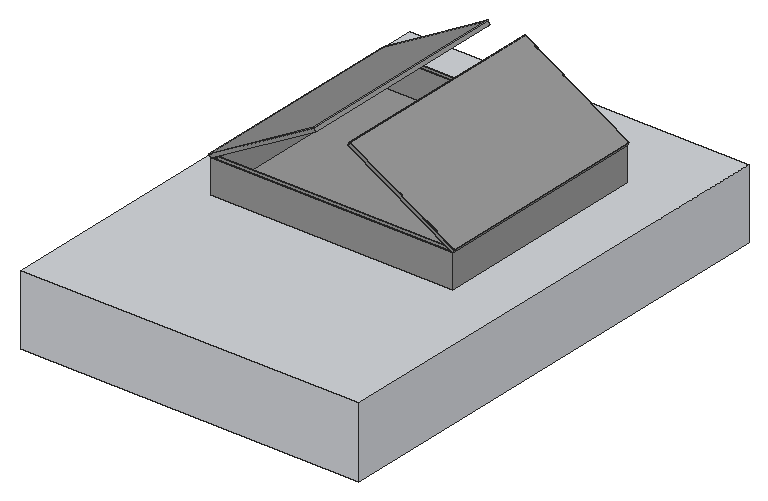
Revit family "Hager-Univers-IP44-D161-H950-Cl.II-FWQ_encl_QS-NL-en", category Equipement électrique, Revit 2020
Family settings
  Hôte = Face
  Configuration du panneau = Deux colonnes, circuits au sein
  Cote de connecteur circulaire = Utiliser le diamètre
  Type d'élément = Tableau de raccordement
  Couper avec des vides une fois chargée = Non
  Partagée = Non
  Point de calcul de pièce = Non
Parameters (values of type "Surface mounted (plaster) IP44 W1050 H950 D161  - FWQ64N")
  Width Control [instance] = if([EF000008 - Width] > Min Width, [EF000008 - Width], Min Width)  # 1050 mm
  Commentaires du type = [HG000003 - Range]  # "Univers"
  Thickness Door [instance] = if([EF009171 - Material plate thickness door/cover] > 3 mm, 3 mm, [EF009171 - Material plate thickness door/cover])  # 2 mm
  Seal Frame Offset [instance] = 17 mm  # constant formula
  Plinth Visibility [instance] = [HG000027 - Plinth height] > 0 mm  # no
  Model = ""
  Min Width [instance] = 100 mm  # constant formula
  Min Height [instance] = 100 mm  # constant formula
  Min Depth [instance] = (2 * [EF009170 - Material plate thickness cabinet]) + 1 mm  # 5 mm
  Internal Frame Depth [instance] = (Door System Depth * 0.5)  # 9 mm
  Height Control [instance] = if([EF000040 - Height] > Min Height, [EF000040 - Height], Min Height)  # 950 mm
  HG000027 - Plinth height = 0 mm
  HG000026 - Floor standing = no
  HG000024 - Bottom section height = 800 mm
  HG000023 - Double section enclosure = no
  HG000016 - Door 3d visibility [instance] = yes
  HG000015 - Clearance visibility [instance] = no
  HG000014 - Door on the right [instance] = yes
  HG000013 - Door on the left [instance] = not([HG000014 - Door on the right])  # no
  HG000012 - Door swing angle [instance] = 30.00°
  HG000010 - Asymmetric doors = no
  HG000009 - Double swing door = yes
  HG000006 - Flush mounted = no
  HG000004 - Manufacturer reference = "FWQ64N"
  HG000003 - Range = "Univers"
  HG000002 - With door or cover = yes
  Frame Offset Bottom [instance] = 10 mm  # constant formula
  Frame Offset [instance] = 15 mm  # constant formula
  EF015940 - Cover with overpressure release = no
  EF011959 - Degree of protection (NEMA) = ""
  EF009554 - Number of openings for flange plates = 8
  EF009212 - Cover model = "EV009916 - With notch"
  EF009171 - Material plate thickness door/cover = 2 mm
  EF009170 - Material plate thickness cabinet = 2 mm
  Fabricant = "Hager"  # constant formula
  EF008873 - Nominal current (In) = 125 A
  EF007800 - Suitable for lightning protection = no
  EF006306 - With lock = no
  EF006244 - Transparent cover/door = no
  EF005474 - Degree of protection (IP) = "EV006418 - IP44"
  EF004464 - Type of door = "EV002646 - Single"
  EF004427 - Number of modules = 192
  EF004293 - Impact strength = "EV006815 - IK09"
  EF003532 - Suitable for outdoor use = no
  EF002950 - Width in number of modular spacings = 48
  EF001613 - Circuit integrity = "EV000494 - None"
  EF001596 - Material housing = "EV000179 - Steel"
  EF001131 - Internal depth = 161 mm
  EF001088 - Extension possible = yes
  EF000437 - Number of conduit inlets = 16
  EF000339 - Type of cover = "EV001012 - Cover"
  EF000266 - Number of rows = 4
  EF000218 - Built-in depth = 0 mm
  EF000118 - With mounting plate = yes
  EF000116 - RAL-number = "9010"
  EF000049 - Depth = 161 mm
  EF000040 - Height = 950 mm
  EF000008 - Width = 1050 mm
  EF000007 - Colour = "EV000202 - White"
  EF000003 - Mounting method = "EV000384 - Surface mounted (plaster)"
  Door System Leaf Tolerance [instance] = 1.5 mm  # constant formula
  Door System Depth [instance] = 18 mm  # constant formula
  Door Height [instance] = Height Control - [HG000027 - Plinth height]  # 950 mm
  Depth Control [instance] = if([EF000049 - Depth] > Min Depth, [EF000049 - Depth], Min Depth)  # 161 mm
  Default Elevation = 0 mm
  Connector Offset [instance] = Height Control / 2  # 475 mm
  Bottom Top Plate Trim [instance] = 1.5 mm  # constant formula
  Plinth height Ctrl [instance] = if([HG000027 - Plinth height] > 0 mm, [HG000027 - Plinth height], 12 mm)  # 12 mm
Reference planes
  plane 1 "Center (Front/Back)": y = 0
  plane 2: z = 0
  plane 3 "Center (Left/Right)": x = 0
  plane 4: z = 161
  plane 5: y = 2
  plane 6: y = 475
  plane 7: y = 0
  plane 8: y = 950
  plane 9: z = 0
  plane 10: x = -510
  plane 11: x = 510
  plane 12: x = 508
  plane 13: x = -508
  plane 14: y = 948
  plane 15: x = -508
  plane 16: x = -525
  plane 17: x = 508
  plane 18: x = 525
  plane 19: x = 523
  plane 20: x = -523
  plane 21: y = 12
  plane 22: y = 950
  plane 23: y = 933
  plane 24: z = 143
  plane 25: z = 2
  plane 26: z = 141
  plane 27: z = 159
Forms (mm)
  Extrusion 1, solid
    sketch origin (0, 0, 0) x (1, 0, 0) y (0, 1, 0)
      loop
        line (-702.964, 1305) -> (-702.964, -811.445) -> (766.763, -811.445) -> (766.763, 1305) -> (-702.964, 1305)
    from 0 to -304.8
  Extrusion 2, solid, material "Hager_Steel_RAL7035_Light_Grey", visible <- "Plinth Visibility", detail levels medium+fine
    sketch origin (0, 0, 0) x (1, 0, 0) y (0, 1, 0)
      loop
        line (-525, 0) -> (525, 0) -> (525, 12) -> (-525, 12) -> (-525, 0)
    from 0 to 143
  Extrusion 3, solid, material "Hager_Steel_RAL7035_Light_Grey", detail levels medium+fine
    sketch origin (0, 0, 0) x (1, 0, 0) y (0, 1, 0)
      loop
        line (-525, 0) -> (525, 0) -> (525, 950) -> (-525, 950) -> (-525, 0)
    from 0 to 143
  Extrusion 4, void
    sketch origin (0, 0, 0) x (1, 0, 0) y (0, 1, 0)
      loop
        line (-523, 2) -> (523, 2) -> (523, 948) -> (-523, 948) -> (-523, 2)
    from 2 to 141
  Extrusion 5, void
    sketch origin (-381.607, -4572, 143) x (0, -1, 0) y (-1, 0, 0)
      loop
        line (-4584, 126.393) -> (-5505, 126.393) -> (-5505, -889.607) -> (-4584, -889.607) -> (-4584, 126.393)
    from 0 to 2 <- "EF009170 - Material plate thickness cabinet"
  Extrusion 6, solid, material "Hager_Steel_RAL7035_Light_Grey", detail levels fine
    sketch origin (0, 0, 143) x (1, 0, 0) y (0, 1, 0)
      loop
        line (-508, 933) -> (-508, 12) -> (508, 12) -> (508, 933) -> (-508, 933)
      loop
        line (-510, 10) -> (510, 10) -> (510, 935) -> (-510, 935) -> (-510, 10)
    from 0 to 9 <- "Internal Frame Depth"
  Extrusion 7, solid, material "Hager_Steel_RAL7035_Light_Grey", detail levels coarse
    sketch origin (0, 0, 0) x (1, 0, 0) y (0, 1, 0)
      loop
        line (-525, 0) -> (525, 0) -> (525, 950) -> (-525, 950) -> (-525, 0)
    from 0 to 161
  Sweep 8, void
    path in 3D
      loop
        line (-525, 12, 0) -> (525, 12, 0) -> (525, 12, 143) -> (-525, 12, 143) -> (-525, 12, 0)
    profile origin (-525, 12, 71.5) x (-1, 0, 0) y (0, -1, 0)
      loop
        line (0, 0) -> (0, 1.5) -> (-1.5, 1.5)
        arc (-1.5, 1.5) -> (-1.061, 0.439) -> (0, 0) r 1.5
Cuts and joins
  Extrusion 4, Extrusion 5 cuts Extrusion 3
  Sweep 8 cuts Extrusion 2
Lines and regions (mm)
  Masking region 1
    outline origin (0, 0, 0) x (1, 0, 0) y (0, 0, 1)
      loop
        line (-525, 161) -> (-525, 0) -> (525, 0) -> (525, 161) -> (-525, 161)
  Masking region 2, detail levels medium+fine
    outline origin (0, 140, 0) x (0, 1, 0) y (0, 0, 1)
      loop
        line (-140, 0) -> (810, 0) -> (810, 143) -> (-140, 143) -> (-140, 0)
  Masking region 3, not visible, detail levels medium+fine
    outline origin (0, 297.922, 0) x (0, 1, 0) y (0, 0, 1)
      loop
        line (188.578, 0) -> (228.578, 0) -> (228.578, 149)
        arc (228.578, 149) -> (225.649, 156.071) -> (218.578, 159) r 10
        line (218.578, 159) -> (188.578, 159) -> (188.578, 0)
  Masking region 4, detail levels coarse
    outline origin (0, 0, 180) x (0, 1, 0) y (0, 0, 1)
      loop
        line (0, -180) -> (950, -180) -> (950, -19) -> (0, -19) -> (0, -180)
  Masking region 5, visible <- "Plinth Visibility", detail levels medium+fine
    outline origin (0, 52.24, 12.345) x (0, 0, -1) y (0, 1, 0)
      loop
        line (10.845, -40.24) -> (-129.155, -40.24)
        arc (-129.155, -40.24) -> (-129.594, -41.301) -> (-130.655, -41.74) r 1.5
        line (-130.655, -41.74) -> (-130.655, -52.24) -> (12.345, -52.24) -> (12.345, -41.74)
        arc (12.345, -41.74) -> (11.285, -41.301) -> (10.845, -40.24) r 1.5
  Masking region 6, detail levels medium+fine
    outline origin (-381.607, -4572, 143) x (-1, 0, 0) y (0, -1, 0)
      loop
        line (143.393, -5522) -> (143.393, -4572) -> (-906.607, -4572) -> (-906.607, -5522) -> (143.393, -5522)
  Masking region 7, visible <- "Plinth Visibility", detail levels medium+fine
    outline origin (-381.607, -4727, 143) x (-1, 0, 0) y (0, -1, 0)
      loop
        arc (141.893, -4739) -> (142.332, -4737.939) -> (143.393, -4737.5) r 1.5
        line (143.393, -4737.5) -> (143.393, -4727) -> (-906.607, -4727) -> (-906.607, -4737.5)
        arc (-906.607, -4737.5) -> (-905.546, -4737.939) -> (-905.107, -4739) r 1.5
        line (-905.107, -4739) -> (141.893, -4739)
  Masking region 8, detail levels coarse
    outline origin (-442.548, -4669.526, 143) x (-1, 0, 0) y (0, -1, 0)
      loop
        line (82.452, -5619.526) -> (82.452, -4669.526) -> (-967.548, -4669.526) -> (-967.548, -5619.526) -> (82.452, -5619.526)
  sketch lines
    curve 1: line (-525, 12, 143) -> (-525, 12, 0)
    curve 2: line (525, 12, 143) -> (-525, 12, 143)
    curve 3: line (525, 12, 143) -> (525, 12, 0)
    curve 4: line (-525, 12, 0) -> (525, 12, 0)
Dimensions and locks
  "Depth Control": plane 4 to Extrusion 1
  "HG000027 - Plinth height": plane 1 "Center (Front/Back)" to plane 7
  "EF009170 - Material plate thickness cabinet": plane 5 to plane 7
  locked: connector elem to plane 3 "Center (Left/Right)"
  equal spacing: plane 8, plane 6, plane 7
  locked: connector elem to plane 6
  "EF009170 - Material plate thickness cabinet": plane 8 to plane 14
  "EF009170 - Material plate thickness cabinet": plane 10 to plane 13
  "EF009170 - Material plate thickness cabinet": plane 12 to plane 11
  "Frame Offset": plane 20 to plane 13
  "Frame Offset": plane 12 to plane 19
  "EF009170 - Material plate thickness cabinet": plane 16 to plane 20
  "EF009170 - Material plate thickness cabinet": plane 19 to plane 18
  "Seal Frame Offset": plane 16 to plane 15
  "Seal Frame Offset": plane 17 to plane 18
  "Frame Offset Bottom": plane 21 to plane 5
  "Frame Offset": plane 14 to plane 23
  equal spacing: plane 16, plane 3 "Center (Left/Right)", plane 18
  "Width Control": plane 16 to plane 18
  "EF009170 - Material plate thickness cabinet": plane 4 to plane 27
  "EF009170 - Material plate thickness cabinet": plane 24 to plane 26
  "EF009170 - Material plate thickness cabinet": plane 25 to level
  "Door System Depth": plane 4 to plane 24
  "Height Control": plane 1 "Center (Front/Back)" to Extrusion 7 sketch curve
  "Height Control": Masking region 4 sketch curve to plane 1 "Center (Front/Back)"
  "Height Control": plane 1 "Center (Front/Back)" to plane 22
  "Bottom Top Plate Trim": profile plane to Sweep 8 sketch curve
  "Bottom Top Plate Trim": Sweep 8 sketch curve to profile plane
  "Plinth height Ctrl": plane 1 "Center (Front/Back)" to Extrusion 2 sketch curve
  "Plinth height Ctrl": Masking region 5 sketch curve to plane 1 "Center (Front/Back)"
  "Plinth height Ctrl": plane 1 "Center (Front/Back)" to Masking region 7 sketch curve
  "Thickness Door": Extrusion 6 sketch curve to Extrusion 6 sketch curve  (x3)
  "Thickness Door": cut or joined group of Extrusion 3, Extrusion 4, Extrusion 5 to Extrusion 6 sketch curve
  radius of Masking region 3 sketch curve = 10 mm
  "Bottom Top Plate Trim": radius of Masking region 5 sketch curve  (x2)
  "Bottom Top Plate Trim": radius of Sweep 8 sketch curve
  "Bottom Top Plate Trim": radius of Masking region 7 sketch curve  (x2)
  aligned and locked: plane 2 to Extrusion 1
  aligned and locked: level to Extrusion 1
  aligned and locked: level to Masking region 1 sketch curve
  aligned and locked: Masking region 1 sketch curve to plane 18
  aligned and locked: Masking region 1 sketch curve to plane 16
  aligned and locked: plane 7 to Masking region 2 sketch curve
  aligned and locked: level to Masking region 3 sketch curve
  aligned and locked: Masking region 3 sketch curve to plane 27
  aligned and locked: level to Masking region 2 sketch curve
  aligned and locked: plane 1 "Center (Front/Back)" to Extrusion 2 sketch curve
  aligned and locked: Extrusion 3 sketch curve to plane 7
  aligned and locked: plane 16 to Extrusion 3 sketch curve
  aligned and locked: plane 18 to Extrusion 3 sketch curve
  aligned and locked: plane 20 to Extrusion 4 sketch curve
  aligned and locked: plane 19 to Extrusion 4 sketch curve
  aligned and locked: Extrusion 4 sketch curve to plane 5
  aligned and locked: Extrusion 4 to plane 25
  aligned and locked: plane 26 to Extrusion 4
  aligned and locked: plane 24 to Extrusion 3
  aligned and locked: Extrusion 5 sketch curve to plane 21
  aligned and locked: Extrusion 5 sketch curve to plane 13
  aligned and locked: Extrusion 5 sketch curve to plane 12
  aligned and locked: plane 18 to Extrusion 7 sketch curve
  aligned and locked: plane 1 "Center (Front/Back)" to Extrusion 7 sketch curve
  aligned and locked: plane 16 to Extrusion 7 sketch curve
  aligned and locked: plane 4 to Extrusion 7
  aligned and locked: Extrusion 7 to level
  aligned and locked: level to Masking region 4 sketch curve
  aligned and locked: Masking region 4 sketch curve to plane 1 "Center (Front/Back)"
  aligned and locked: Masking region 4 sketch curve to plane 4
  aligned and locked: nested 1 to level
  aligned and locked: nested 1 to plane 16
  aligned and locked: Extrusion 3 sketch curve to plane 8
  aligned and locked: Extrusion 5 sketch curve to plane 23
  aligned and locked: Extrusion 4 sketch curve to plane 14
  aligned and locked: Masking region 2 sketch curve to plane 8
  aligned and locked: level to Masking region 5 sketch curve
  aligned and locked: plane 16 to Extrusion 2 sketch curve
  aligned and locked: plane 18 to Extrusion 2 sketch curve
  aligned and locked: Masking region 5 sketch curve to plane 24
  aligned and locked: Masking region 2 sketch curve to plane 24
  aligned and locked: plane 24 to Extrusion 2
  aligned and locked: profile plane to Sweep 8 sketch curve  (x2)
  aligned and locked: Masking region 6 sketch curve to plane 18
  aligned and locked: Masking region 6 sketch curve to plane 22
  aligned and locked: Masking region 6 sketch curve to plane 16
  aligned and locked: plane 8 to plane 22
  aligned and locked: Masking region 6 sketch curve to plane 7
  aligned and locked: Masking region 7 sketch curve to plane 16
  aligned and locked: Masking region 7 sketch curve to plane 1 "Center (Front/Back)"
  aligned and locked: Masking region 7 sketch curve to plane 18
  aligned and locked: Masking region 8 sketch curve to plane 1 "Center (Front/Back)"
  aligned and locked: Masking region 8 sketch curve to plane 18
  aligned and locked: Masking region 8 sketch curve to plane 22
  aligned and locked: Masking region 8 sketch curve to plane 16
  aligned and locked: nested 2 to plane 7
  aligned and locked: plane 3 "Center (Left/Right)" to nested 2
  aligned and locked: nested 2 to plane 24
  aligned and locked: Extrusion 6 sketch curve to cut or joined group of Extrusion 3, Extrusion 4, Extrusion 5  (x4)
Automatic sketch dimensions
  Extrusion 1 sketch curve to Extrusion 1 sketch curve = 1469.727 mm
  Extrusion 1 sketch curve to Extrusion 1 sketch curve = 2116.445 mm
  Masking region 1 sketch curve to plane 4 = 0 mm
  plane 6 to Masking region 3 sketch curve = 11.5 mm
  Masking region 3 sketch curve to Masking region 3 sketch curve = 30 mm
  Masking region 5 sketch curve to plane 1 "Center (Front/Back)" = 0 mm
Nested families
  nested 1: "Hager_Enclosure_Symbol" at (-525, 0, 0) x (1, 0, 0) z (0, -1, 0), Height <- "Depth Control", Width <- "Width Control", type "Hager_Enclosure_Symbol"
    with Width_Ctrl 1050 mm, Width 1050 mm, Height_Ctrl 161 mm, Height 161 mm, A_Width_Int 10.566 mm, A_Width 126.788 mm, A_Height_Ctrl 140.875 mm, A_Height 140.875 mm
  nested 2: "EC000058_Univers_Door" at (0, 0, 143) x (1, 0, 0) z (0, 1, 0), Leaf_Tolerance <- "Door System Leaf Tolerance", Angle <- "HG000012 - Door swing angle", Door_Depth <- "Door System Depth", Door_Left <- "HG000013 - Door on the left", Transparent <- "EF006244 - Transparent cover/door", Assymetrical <- "HG000010 - Asymmetric doors", Width <- "Width Control", Clearance <- "HG000015 - Clearance visibility", Double <- "HG000009 - Double swing door", 3d_Door <- "HG000016 - Door 3d visibility", Lock_Visibility <- "EF006306 - With lock", Width_Ctrl <- "Width Control", Door_Right <- "HG000014 - Door on the right", Door <- "HG000002 - With door or cover", Height <- "Door Height", Thickness <- "Thickness Door", type "EC000058_Univers_Door", detail levels medium+fine
    with min_wh 5 mm, Width_Ctrl 1050 mm, Width 1050 mm, Transparent no, Thickness 2 mm, Seal_Material Hager_Rubber, Lock_Visibility no, Lock_Material Hager_Plastic_RAL9005_Jet_Black, Leaf_Width 1050 mm, Leaf_Tolerance_External_Sides 0 mm, Leaf_Tolerance 1.5 mm, Leaf_Offset 0 mm, Leaf_Height 947 mm, Leaf_2_Width 523.5 mm, Leaf_2_Offset 262.5 mm, Leaf_1_Width 523.5 mm, Leaf_1_Offset 262.5 mm, Height_Ctrl 950 mm, Height 950 mm, Glass_Material Hager_Glass, Double_Clearance_Ctrl no, Double yes, Door_Right_Ctrl yes, Door_Right yes, Door_Material Hager_Steel_RAL7035_Light_Grey, Door_Left_Ctrl yes, Door_Left no, Door_Depth 18 mm, Door yes, Clearance_Material Hager_Clearance, Clearance_Depth 523.5 mm, Clearance_Ctrl no, Clearance no, Assymetrical no, Angle 30.00°, 3d_Door yes
Connectors
  electrical at (0, 475, 0)
    settings: on plane 9, index 1, voltage 0 V, apparent load 0 VA, apparent load phase1 0 VA, apparent load phase2 0 VA, apparent load phase3 0 VA, power factor 1, load classification "Other", number of poles 1, system type 30, power factor state 1, is connector primary yes, connector utility no, sub classification motor no, connector description ""
Definition of nested family "EC000058_Univers_Door"
  Parameters (values of type "EC000058_Univers_Door")
    min_wh [instance] = (2 * Thickness) + 1 mm  # 11 mm
    Width_Ctrl [instance] = 400 mm
    Width [instance] = 500 mm
    Transparent [instance] = yes
    Thickness [instance] = 5 mm
    Seal_Material [instance] = none
    Lock_Visibility [instance] = yes
    Lock_Material [instance] = none
    Leaf_Width [instance] = if((Width_Ctrl - 2 * Leaf_Tolerance_External_Sides) > 0 mm, (Width_Ctrl - 2 * Leaf_Tolerance_External_Sides), min_wh)  # 400 mm
    Leaf_Tolerance_External_Sides [instance] = 0 mm  # constant formula
    Leaf_Tolerance [instance] = 1.5 mm
    Leaf_Offset [instance] = 0 mm  # constant formula
    Leaf_Height [instance] = if((Height_Ctrl - 2 * Leaf_Tolerance) > 0 mm, (Height_Ctrl - 2 * Leaf_Tolerance), min_wh)  # 497 mm
    Leaf_2_Width [instance] = if(and(and(Double, Assymetrical), Door_Left), (Leaf_Width / 3) - (Leaf_Tolerance / 2), if(and(and(Double, Assymetrical), Door_Right), (Leaf_Width / 3) * 2 - (Leaf_Tolerance / 2), if(and(Double, not(Assymetrical)), (Leaf_Width / 2) - Leaf_Tolerance, Leaf_Width)))  # 400 mm
    Leaf_2_Offset [instance] = if(and(Double, Assymetrical), Leaf_2_Width / 2, if(and(Double, not(Assymetrical)), Leaf_Width / 4, Leaf_Width / 2))  # 200 mm
    Leaf_1_Width [instance] = if(and(and(Double, Assymetrical), Door_Right), (Leaf_Width / 3) - (Leaf_Tolerance / 2), if(and(and(Double, Assymetrical), Door_Left), (Width / 3) * 2 - (Leaf_Tolerance / 2), if(and(Double, not(Assymetrical)), (Leaf_Width / 2) - Leaf_Tolerance, Leaf_Width)))  # 400 mm
    Leaf_1_Offset [instance] = if(and(Double, Assymetrical), Leaf_1_Width / 2, if(and(Double, not(Assymetrical)), Leaf_Width / 4, Leaf_Width / 2))  # 200 mm
    Height_Ctrl [instance] = if(Height > min_wh, Height, min_wh)  # 500 mm
    Height [instance] = 500 mm
    Glass_Material [instance] = none
    Double_Clearance_Ctrl [instance] = and(Double, Clearance)  # no
    Double [instance] = no
    Door_Right_Ctrl [instance] = and(or(Door_Right, Double), Door)  # yes
    Door_Right [instance] = yes
    Door_Material [instance] = none
    Door_Left_Ctrl [instance] = and(or(Door_Left, Double), Door)  # no
    Door_Left [instance] = no
    Door_Depth [instance] = 30 mm
    Door [instance] = yes
    Default Elevation = 1219.2 mm
    Clearance_Material [instance] = none
    Clearance_Depth [instance] = if(Leaf_1_Width > Leaf_2_Width, Leaf_1_Width, Leaf_2_Width)  # 400 mm
    Clearance_Ctrl [instance] = and(not(Double), Clearance)  # yes
    Clearance [instance] = yes
    Assymetrical [instance] = yes
    Angle [instance] = 30.00°
    3d_Door [instance] = yes
  Reference planes
    plane 1 "Center (Front/Back)": y = 0
    plane 2 "Bottom": z = 0
    plane 3 "Center (Left/Right)": x = 0
    plane 4: z = 500
    plane 5: x = -200
    plane 6: x = 200
    plane 7: z = 500
    plane 8: x = -200
    plane 9: z = 0
    plane 10: x = 200
    plane 11: y = 0
    plane 12: z = 1.5
    plane 13: x = -600
    plane 14: y = -400
    plane 15: x = 600
    plane 16: x = 0
    plane 17: x = 0
    plane 18: x = -200
    plane 19: x = 200
    plane 20: z = 498.5
  Forms (mm)
    Extrusion 1, solid, material <- "Clearance_Material", visible <- "Double_Clearance_Ctrl"
      sketch origin (1200, 0, 0) x (1, 0, 0) y (0, 0, -1)
        loop
          line (-1800, -498.5) -> (-600, -498.5) -> (-600, 0) -> (-1800, 0) -> (-1800, -498.5)
      from 0 to -400
  Dimensions and locks
    equal spacing: plane 5, plane 3 "Center (Left/Right)", plane 6
    "Width_Ctrl": plane 5 to plane 6
    "Leaf_Offset": plane 5 to plane 8
    "Leaf_Offset": plane 6 to plane 10
    "Leaf_Offset": plane 9 to level
    "Leaf_Offset": plane 4 to plane 7
    "Height_Ctrl": plane 4 to level
    "Leaf_Tolerance": plane 12 to plane 9
    locked: plane 11 to plane 1 "Center (Front/Back)"
    "Leaf_1_Offset": plane 18 to plane 16
    "Leaf_2_Offset": plane 17 to plane 19
    "Leaf_1_Width": plane 13 to plane 8
    "Leaf_2_Width": plane 10 to plane 15
    "Clearance_Depth": plane 14 to plane 1 "Center (Front/Back)"
    "Leaf_Tolerance_External_Sides": plane 8 to plane 18
    "Leaf_Tolerance_External_Sides": plane 19 to plane 10
    "Leaf_Tolerance": plane 7 to plane 20
    aligned and locked: level to plane 2 "Bottom"
    aligned and locked: nested 1 to plane 16
    aligned and locked: nested 2 to plane 17
    aligned and locked: Extrusion 1 to plane 13
    aligned and locked: plane 15 to Extrusion 1
    aligned and locked: Extrusion 1 to plane 14
    aligned and locked: plane 12 to nested 1
    aligned and locked: nested 2 to plane 12
    aligned and locked: Extrusion 1 to plane 11
    aligned and locked: plane 20 to Extrusion 1
    aligned and locked: nested 2 to plane 11
    aligned and locked: nested 1 to plane 11
  Automatic sketch dimensions
    Extrusion 1 sketch curve to level = 0 mm
    plane 5 to Extrusion 1 sketch curve = 400 mm
    plane 6 to Extrusion 1 sketch curve = 400 mm
    Extrusion 1 sketch curve to plane 4 = 1.5 mm
  Nested families
    nested 1: "EC000058_Univers_Door_Leaf" at (0, 0, 1.5), Width <- "Leaf_1_Width", visible <- "Door_Left_Ctrl", Leaf_Height <- "Leaf_Height", Angle <- "Angle", 3d_Door <- "3d_Door", Transparent <- "Transparent", Clearance Material <- "Clearance_Material", Clearance <- "Clearance_Ctrl", Door_Material <- "Door_Material", Glass_Material <- "Glass_Material", Door_Depth <- "Door_Depth", Lock_Material <- "Lock_Material", Seal_Material <- "Seal_Material", Lock_Visibility <- "Lock_Visibility", Thickness <- "Thickness", type "EC000058_Univers_Door_Leaf"
      with Width 400 mm, Transparent_Glass_Offset 30 mm, Transparent_Ctrl yes, Transparent yes, Thickness 5 mm, Standard no, Seal_Material none, Seal_D2 8 mm, Seal_D1 1 mm, Offset_Internal_Frame 10 mm, Lock_Width 20 mm, Lock_Visibility_3d yes, Lock_Visibility yes, Lock_Thickness_3 3 mm, Lock_Thickness_2 1 mm, Lock_Thickness_1 3 mm, Lock_Radius_Offset_2 16 mm, Lock_Radius_Offset_1 15 mm, Lock_Radius_2 5 mm, Lock_Radius 6 mm, Lock_Offset 5 mm, Lock_Material none, Lock_Height 80 mm, Lock_Cover_Top_Offset_2d 17 mm, Lock_Cover_Height -65 mm, Leaf_Height 497 mm, Internal_Seal_Thickness 8 mm, Internal_Seal_Depth_2 4.5 mm, Internal_Frame_Depth 25 mm, Glass_Thickness -1 mm, Glass_Offset -2 mm, Glass_Material none, Door_Material none, Door_Depth 30 mm, Clearance Material none, Clearance yes, Angle_Ctrl 30.00°, Angle 30.00°, 3d_Door yes
    nested 2: "EC000058_Univers_Door_Leaf" at (0, 0, 1.5) x (-1, 0, 0) z (0, 0, 1), Width <- "Leaf_2_Width", visible <- "Door_Right_Ctrl", Leaf_Height <- "Leaf_Height", Angle <- "Angle", 3d_Door <- "3d_Door", Transparent <- "Transparent", Clearance Material <- "Clearance_Material", Clearance <- "Clearance_Ctrl", Door_Material <- "Door_Material", Glass_Material <- "Glass_Material", Door_Depth <- "Door_Depth", Lock_Material <- "Lock_Material", Seal_Material <- "Seal_Material", Lock_Visibility <- "Lock_Visibility", Thickness <- "Thickness", type "EC000058_Univers_Door_Leaf"
      with Width 400 mm, Transparent_Glass_Offset 30 mm, Transparent_Ctrl yes, Transparent yes, Thickness 5 mm, Standard no, Seal_Material none, Seal_D2 8 mm, Seal_D1 1 mm, Offset_Internal_Frame 10 mm, Lock_Width 20 mm, Lock_Visibility_3d yes, Lock_Visibility yes, Lock_Thickness_3 3 mm, Lock_Thickness_2 1 mm, Lock_Thickness_1 3 mm, Lock_Radius_Offset_2 16 mm, Lock_Radius_Offset_1 15 mm, Lock_Radius_2 5 mm, Lock_Radius 6 mm, Lock_Offset 5 mm, Lock_Material none, Lock_Height 80 mm, Lock_Cover_Top_Offset_2d 17 mm, Lock_Cover_Height -65 mm, Leaf_Height 497 mm, Internal_Seal_Thickness 8 mm, Internal_Seal_Depth_2 4.5 mm, Internal_Frame_Depth 25 mm, Glass_Thickness -1 mm, Glass_Offset -2 mm, Glass_Material none, Door_Material none, Door_Depth 30 mm, Clearance Material none, Clearance yes, Angle_Ctrl 30.00°, Angle 30.00°, 3d_Door yes
  Definition of nested family "EC000058_Univers_Door_Leaf"
    Parameters (values of type "EC000058_Univers_Door_Leaf")
      Width [instance] = 2000 mm
      Transparent_Glass_Offset [instance] = 30 mm
      Transparent_Ctrl [instance] = and(Transparent, [3d_Door])  # yes
      Transparent [instance] = yes
      Thickness [instance] = 5 mm
      Standard [instance] = and(not(Transparent), [3d_Door])  # no
      Seal_Material [instance] = none
      Seal_D2 [instance] = 8 mm  # constant formula
      Seal_D1 [instance] = 1 mm  # constant formula
      Offset_Internal_Frame [instance] = 10 mm  # constant formula
      Lock_Width [instance] = 20 mm  # constant formula
      Lock_Visibility_3d [instance] = and(Lock_Visibility, [3d_Door])  # yes
      Lock_Visibility [instance] = yes
      Lock_Thickness_3 [instance] = 3 mm  # constant formula
      Lock_Thickness_2 [instance] = 1 mm  # constant formula
      Lock_Thickness_1 [instance] = 3 mm  # constant formula
      Lock_Radius_Offset_2 [instance] = Lock_Radius_Offset_1 + 1 mm  # 16 mm
      Lock_Radius_Offset_1 [instance] = 15 mm  # constant formula
      Lock_Radius_2 [instance] = Lock_Radius - 1 mm  # 5 mm
      Lock_Radius [instance] = 6 mm  # constant formula
      Lock_Offset [instance] = 5 mm  # constant formula
      Lock_Material [instance] = none
      Lock_Height [instance] = 80 mm  # constant formula
      Lock_Cover_Top_Offset_2d [instance] = Lock_Radius_Offset_2 + 1 mm  # 17 mm
      Lock_Cover_Height [instance] = -(Lock_Height - Lock_Radius_Offset_1)  # -65 mm
      Leaf_Height [instance] = 2720.336 mm
      Internal_Seal_Thickness [instance] = 8 mm  # constant formula
      Internal_Seal_Depth_2 [instance] = 4.5 mm  # constant formula
      Internal_Frame_Depth [instance] = if(Door_Depth - Thickness > 5 mm, Door_Depth - Thickness, 5 mm)  # 25 mm
      Glass_Thickness [instance] = if(Thickness > 15 mm, Glass_Offset + 10 mm, -1 mm)  # -1 mm
      Glass_Offset [instance] = if(Thickness > 15 mm, -(Thickness + 10 mm) / 2, -2 mm)  # -2 mm
      Glass_Material [instance] = none
      Door_Material [instance] = none
      Door_Depth [instance] = 30 mm
      Default Elevation = 0 mm
      Clearance Material [instance] = none
      Clearance [instance] = yes
      Angle_Ctrl [instance] = if(Angle > 180.00°, 180.00°, Angle)  # 90.00°
      Angle [instance] = 90.00°
      3d_Door [instance] = yes
    Reference planes
      plane 1 "Center (Front/Back)": y = 0
      plane 2: z = 0
      plane 3 "Center (Left/Right)": x = 0
      plane 4: y = 2000
      plane 5: x = -1000
      plane 6: x = 1000
      plane 7: x = -3000
      plane 8: z = 2720.336
      plane 9: z = 30
      plane 10: z = 2690.336
      plane 11: x = 970
      plane 12: x = -970
      plane 13: y = -3
      plane 14: z = 107.833
      plane 15: y = -5
      plane 16: y = -223.314
      plane 17: x = -1000
      plane 18: z = 1360.168
      plane 19: y = 30
    Forms (mm)
      Extrusion 1, solid, material <- "Clearance Material", visible <- "Clearance"
        sketch origin (0, 0, 0) x (1, 0, 0) y (0, 0, 1)
          loop
            line (-3000, 2720.336) -> (-3000, 0) -> (1000, 0) -> (1000, 2720.336) -> (-3000, 2720.336)
        from 0 to -2000
      Extrusion 2, solid, material <- "Door_Material", visible <- "Standard", detail levels medium+fine
        sketch origin (-1000, 0, 0) x (0, 1, 0) y (-1, 0, 0)
          loop
            line (0, 30) -> (0, 25) -> (2000, 25) -> (2000, 30) -> (0, 30)
        from 0 to 2720.336 <- "Leaf_Height"
      Extrusion 3, solid, material <- "Door_Material", visible <- "Transparent_Ctrl", detail levels medium+fine
        sketch origin (-1000, 0, 0) x (0, 1, 0) y (-1, 0, 0)
          loop
            line (0, 25) -> (2000, 25) -> (2000, 30) -> (0, 30) -> (0, 25)
        from 0 to 2720.336 <- "Leaf_Height"
      Extrusion 4, void
        sketch origin (-1025, 2000, 0) x (0, 1, 0) y (0, 0, -1)
          loop
            line (-30, -2690.336) -> (-30, -30) -> (-1970, -30) -> (-1970, -2690.336) -> (-30, -2690.336)
        from 0 to 5 <- "Thickness"
      Sweep 5, solid, material <- "Seal_Material", visible <- "Transparent_Ctrl", detail levels fine
        path in 3D
          loop
            line (-1025, 30, 30) -> (-1025, 30, 2690.336) -> (-1025, 1970, 2690.336) -> (-1025, 1970, 30) -> (-1025, 30, 30)
        profile origin (-1025, 1000, 30) x (1, 0, 0) y (0, 0, 1)
          loop
            line (0, 0) -> (0, -8) -> (1, -8) -> (1, 0) -> (0, 0)
      Extrusion 6, solid, material <- "Glass_Material", visible <- "Transparent_Ctrl", detail levels medium+fine
        sketch origin (-1030, 0, 0) x (0, 1, 0) y (0, 0, -1)
          loop
            line (1970, -2690.336) -> (1970, -30) -> (30, -30) -> (30, -2690.336) -> (1970, -2690.336)
        from -2 <- "Glass_Offset" to -1 <- "Glass_Thickness"
      Extrusion 7, solid, material <- "Door_Material", visible <- "3d_Door", detail levels medium+fine
        sketch origin (-1025, 2000, 0) x (0, -1, 0) y (0, 0, -1)
          loop
            line (0, -2720.336) -> (2000, -2720.336) -> (2000, 0) -> (0, 0) -> (0, -2720.336)
          loop
            line (1995, -5) -> (5, -5) -> (5, -2715.336) -> (1995, -2715.336) -> (1995, -5)
        from 0 to 25 <- "Internal_Frame_Depth"
      Sweep 8, solid, material <- "Seal_Material", visible <- "Transparent_Ctrl", detail levels fine
        path in 3D
          loop
            line (-1025, 0, 0) -> (-1025, 2000, 0) -> (-1025, 2000, 2720.336) -> (-1025, 0, 2720.336) -> (-1025, 0, 0)
        profile origin (-1025, 0, 1360.168) x (1, 0, 0) y (0, 1, 0)
          loop
            line (0, 10) -> (2.975, 10)
            arc (2.975, 10) -> (4.053, 10.447) -> (4.5, 11.525) r 1.525
            line (4.5, 11.525) -> (4.5, 16.527)
            arc (4.5, 16.527) -> (4.069, 17.569) -> (3.027, 18) r 1.473
            line (3.027, 18) -> (0, 18) -> (0, 10)
      Extrusion 9, solid, material <- "Lock_Material", visible <- "Lock_Visibility_3d", detail levels fine
        sketch origin (-1030, 0, 0) x (0, 1, 0) y (0, 0, -1)
          loop
            arc (1993.5, -1400.168) -> (1994.561, -1399.729) -> (1995, -1398.668) r 1.5
            line (1995, -1398.668) -> (1995, -1320.168) -> (1975, -1320.168) -> (1975, -1398.668)
            arc (1975, -1398.668) -> (1975.439, -1399.729) -> (1976.5, -1400.168) r 1.5
            line (1976.5, -1400.168) -> (1993.5, -1400.168)
        from 3 <- "Lock_Thickness_1" to 0
      Blend 10, solid, material <- "Lock_Material", visible <- "Lock_Visibility_3d", detail levels fine
        base sketch origin (-1033, 0, 0) x (0, 1, 0) y (0, 0, -1)
          loop
            line (1975, -1320.168) -> (1975, -1398.668)
            arc (1975, -1398.668) -> (1975.439, -1399.729) -> (1976.5, -1400.168) r 1.5
            line (1976.5, -1400.168) -> (1993.5, -1400.168)
            arc (1993.5, -1400.168) -> (1994.561, -1399.729) -> (1995, -1398.668) r 1.5
            line (1995, -1398.668) -> (1995, -1320.168) -> (1975, -1320.168)
        top sketch origin (-1033, 0, 0) x (0, 1, 0) y (0, 0, -1)
          loop
            line (1976, -1320.168) -> (1976, -1398.668)
            arc (1976, -1398.668) -> (1976.146, -1399.022) -> (1976.5, -1399.168) r 0.5
            line (1976.5, -1399.168) -> (1993.5, -1399.168)
            arc (1993.5, -1399.168) -> (1993.854, -1399.022) -> (1994, -1398.668) r 0.5
            line (1994, -1398.668) -> (1994, -1320.168) -> (1976, -1320.168)
        from 0 to 1 <- "Lock_Thickness_2"
      Blend 11, solid, material <- "Lock_Material", visible <- "Lock_Visibility_3d", detail levels fine
        base sketch origin (-1034, 0, 0) x (0, 1, 0) y (0, 0, -1)
          loop
            line (1978, -1320.168) -> (1978, -1384.168)
            arc (1978, -1384.168) -> (1985, -1391.168) -> (1992, -1384.168) r 7
            line (1992, -1384.168) -> (1992, -1320.168) -> (1978, -1320.168)
        top sketch origin (-1034, 0, 0) x (0, 1, 0) y (0, 0, -1)
          loop
            line (1991, -1320.168) -> (1979, -1320.168) -> (1979, -1383.168)
            arc (1979, -1383.168) -> (1985, -1389.168) -> (1991, -1383.168) r 6
            line (1991, -1383.168) -> (1991, -1320.168)
        from 0 to 3 <- "Lock_Thickness_3"
      Extrusion 12, solid, material <- "Lock_Material", visible <- "Lock_Visibility_3d", detail levels fine
        sketch origin (-1030, 1975, 1320.168) x (1, 0, 0) y (0, -1, 0)
          loop
            line (-7, -19) -> (-7, -1) -> (0, -1) -> (0, 0) -> (-8, 0) -> (-8, -20) -> (0, -20) -> (0, -19) -> (-7, -19)
        from 0 to -65 <- "Lock_Cover_Height"
      Extrusion 13, void
        sketch origin (-1038, 1995, 1320.168) x (-1, 0, 0) y (0, 0, -1)
          loop
            line (-5, -65) -> (0, -65) -> (-5, -60) -> (-5, -65)
        from 0 to 20 <- "Lock_Width"
      Extrusion 14, void
        sketch origin (-1038, 1975, 1320.168) x (0, -1, 0) y (0, 0, -1)
          loop
            circle (-10, -15.995) r 6
          loop
            circle (-10, -15.995) r 5
        from 0 to 2
      Extrusion 15, solid, material <- "Lock_Material", visible <- "Lock_Visibility_3d", detail levels medium
        sketch origin (-1030, 0, 0) x (0, 1, 0) y (0, 0, -1)
          loop
            arc (1993.5, -1400.168) -> (1994.561, -1399.729) -> (1995, -1398.668) r 1.5
            line (1995, -1398.668) -> (1995, -1320.168) -> (1975, -1320.168) -> (1975, -1398.668)
            arc (1975, -1398.668) -> (1975.439, -1399.729) -> (1976.5, -1400.168) r 1.5
            line (1976.5, -1400.168) -> (1993.5, -1400.168)
        from 8 to 0
    Cuts and joins
      Extrusion 4 cuts Extrusion 3
      Extrusion 13, Extrusion 14 cuts Extrusion 9
      Extrusion 14 cuts Blend 11
      Extrusion 13, Extrusion 14 cuts Extrusion 12
      joined: Extrusion 9, Blend 10, Blend 11, Extrusion 12
      Extrusion 14 cuts Extrusion 15
    Lines and regions (mm)
      Masking region 1, visible <- "Lock_Visibility", detail levels fine
        outline origin (0, 0, 0) x (0, 1, 0) y (0, 0, 1)
          loop
            line (30, 1320.168) -> (33, 1320.168) -> (33, 1400.168) -> (30, 1400.168) -> (30, 1320.168)
      Masking region 2, visible <- "Lock_Visibility", detail levels fine
        outline origin (0, 3.143, 0) x (0, 1, 0) y (0, 0, 1)
          loop
            line (29.857, 1354.168) -> (30.857, 1354.168) -> (30.857, 1366.168) -> (29.857, 1366.168) -> (29.857, 1354.168)
      Masking region 3, detail levels medium+fine
        outline origin (0, 0, 0) x (0, 1, 0) y (0, 0, 1)
          loop
            line (0, 0) -> (30, 0) -> (30, 2720.336) -> (0, 2720.336) -> (0, 0)
      Masking region 4, detail levels medium+fine
        outline origin (0, 0, 0) x (1, 0, 0) y (0, 0, 1)
          loop
            line (-1000, 2720.336) -> (-1000, 0) -> (1000, 0) -> (1000, 2720.336) -> (-1000, 2720.336)
      Masking region 5, visible <- "Lock_Visibility", detail levels fine
        outline origin (-47.116, 0, 0) x (1, 0, 0) y (0, 0, 1)
          loop
            arc (1024.616, 1399.168) -> (1023.556, 1398.729) -> (1023.116, 1397.668) r 1.5
            line (1023.116, 1397.668) -> (1023.116, 1320.168) -> (1041.116, 1320.168) -> (1041.116, 1397.668)
            arc (1041.116, 1397.668) -> (1040.677, 1398.729) -> (1039.616, 1399.168) r 1.5
            line (1039.616, 1399.168) -> (1024.616, 1399.168)
      Masking region 6, visible <- "Lock_Visibility", detail levels medium+fine
        outline origin (-25, 0, 0) x (1, 0, 0) y (0, 0, 1)
          loop
            arc (1001.5, 1400.168) -> (1000.439, 1399.729) -> (1000, 1398.668) r 1.5
            line (1000, 1398.668) -> (1000, 1320.168) -> (1020, 1320.168) -> (1020, 1398.668)
            arc (1020, 1398.668) -> (1019.561, 1399.729) -> (1018.5, 1400.168) r 1.5
            line (1018.5, 1400.168) -> (1001.5, 1400.168)
      Masking region 7, visible <- "Lock_Visibility", detail levels fine
        outline origin (-73.735, 0, 0) x (1, 0, 0) y (0, 0, 1)
          loop
            line (1051.735, 1382.168) -> (1065.735, 1382.168) -> (1065.735, 1384.168)
            arc (1065.735, 1384.168) -> (1058.735, 1391.168) -> (1051.735, 1384.168) r 7
            line (1051.735, 1384.168) -> (1051.735, 1382.168)
      Masking region 8, visible <- "Lock_Visibility", detail levels fine
        outline origin (-73.735, 0, 0) x (1, 0, 0) y (0, 0, 1)
          loop
            line (1052.735, 1382.168) -> (1064.735, 1382.168) -> (1064.735, 1383.168)
            arc (1064.735, 1383.168) -> (1058.735, 1389.168) -> (1052.735, 1383.168) r 6
            line (1052.735, 1383.168) -> (1052.735, 1382.168)
      Masking region 9, visible <- "Lock_Visibility", detail levels fine
        outline origin (-25, 0, 0) x (1, 0, 0) y (0, 0, 1)
          loop
            line (1020, 1320.168) -> (1020, 1382.168) -> (1000, 1382.168) -> (1000, 1320.168) -> (1020, 1320.168)
      Masking region 10, detail levels medium+fine
        outline origin (0, 0, 0) x (1, 0, 0) y (0, 0, 1)
          loop
            circle (985, 1335.144) r 6
      Masking region 11, detail levels fine
        outline origin (0, 0, 0) x (1, 0, 0) y (0, 0, 1)
          loop
            circle (985, 1335.144) r 5
      Masking region 12, visible <- "Lock_Visibility", detail levels fine
        outline origin (0, 12.767, 0) x (0, 1, 0) y (0, 0, 1)
          loop
            line (20.233, 1320.168) -> (21.233, 1320.168) -> (21.233, 1399.168) -> (20.233, 1400.168) -> (20.233, 1320.168)
      Masking region 13, visible <- "Lock_Visibility", detail levels fine
        outline origin (0, 13.767, -10) x (0, 1, 0) y (0, 0, 1)
          loop
            line (20.233, 1330.168) -> (23.233, 1330.168) -> (23.233, 1399.168) -> (20.233, 1402.168) -> (20.233, 1330.168)
      Masking region 14, visible <- "Lock_Visibility", detail levels fine
        outline origin (0, 12.767, -10) x (0, 1, 0) y (0, 0, 1)
          loop
            line (20.233, 1330.168) -> (25.233, 1330.168) -> (25.233, 1399.305) -> (20.233, 1394.305) -> (20.233, 1330.168)
      Masking region 15, visible <- "Lock_Visibility", detail levels medium
        outline origin (0, 0, 0) x (0, 1, 0) y (0, 0, 1)
          loop
            line (30, 1320.168) -> (38, 1320.168) -> (38, 1400.168) -> (30, 1400.168) -> (30, 1320.168)
      Masking region 16, visible <- "Lock_Visibility", detail levels fine
        outline origin (-1000, 0, 0) x (0, 1, 0) y (-1, 0, 0)
          loop
            line (1975, 30) -> (1995, 30) -> (1995, 38) -> (1975, 38) -> (1975, 30)
          loop
            line (1979, 37) -> (1976, 37) -> (1976, 34) -> (1978, 34) -> (1979, 37)
          loop
            line (1994, 37) -> (1991, 37) -> (1992, 34) -> (1994, 34) -> (1994, 37)
      Masking region 17, visible <- "Lock_Visibility", detail levels medium
        outline origin (-1000, 0, 0) x (0, 1, 0) y (-1, 0, 0)
          loop
            line (1975, 30) -> (1995, 30) -> (1995, 38) -> (1975, 38) -> (1975, 30)
      symbolic lines
        curve 1: line (1000, 0, 0) -> (-3000, 0, 0)
        curve 2: arc (1000, 0, 0) -> (-1000, 2000, 0) -> (-3000, 0, 0) r 2000
        curve 4: line (-1030, 0, 0) -> (-1030, 2000, 0)
      reference lines
        curve 3: line (-1000, 0, 0) -> (-1000, 2000, 0)
      symbolic lines, detail levels medium+fine
        curve 5: line (-1030, 2000, 0) -> (-1025, 2000, 0)
        curve 7: line (-1025, 0, 0) -> (-1030, 0, 0)
        curve 8: line (-1025, 0, 0) -> (-1000, 0, 0)
        curve 9: line (-1000, 0, 0) -> (-1000, 2000, 0)
        curve 10: line (-1000, 2000, 0) -> (-1025, 2000, 0)
      symbolic lines, detail levels fine
        curve 6: line (-1025, 2000, 0) -> (-1025, 0, 0)
      sketch lines
        curve 11: line (-1025, 0, 2720.336) -> (-1025, 0, 0)
        curve 12: line (-1025, 2000, 0) -> (-1025, 0, 0)
        curve 13: line (-1025, 2000, 2720.336) -> (-1025, 2000, 0)
        curve 14: line (-1025, 0, 2720.336) -> (-1025, 2000, 2720.336)
        curve 15: line (-1025, 1970, 30) -> (-1025, 30, 30)
        curve 16: line (-1025, 30, 30) -> (-1025, 30, 2690.336)
        curve 17: line (-1025, 1970, 2690.336) -> (-1025, 1970, 30)
        curve 18: line (-1025, 30, 2690.336) -> (-1025, 1970, 2690.336)
      symbolic lines, visible <- "Transparent", detail levels medium+fine
        curve 19: line (-970, 0, 2690.336) -> (970, 0, 2690.336)
        curve 20: line (-970, 0, 30) -> (-970, 0, 2690.336)
        curve 21: line (970, 0, 30) -> (-970, 0, 30)
        curve 22: line (970, 0, 2690.336) -> (970, 0, 30)
    Dimensions and locks
      "Width": plane 1 "Center (Front/Back)" to plane 4
      equal spacing: plane 5, plane 3 "Center (Left/Right)", plane 6
      "Width": plane 5 to plane 6
      "Width": plane 7 to plane 5
      "Leaf_Height": plane 8 to level
      "Width": curve 5 to curve 3
      "Width": curve 3 to curve 3
      plane 8 to plane 10 = 30 mm
      plane 9 to level = 30 mm
      plane 12 to plane 5 = 30 mm
      plane 6 to plane 11 = 30 mm
      Extrusion 1 to Extrusion 4 sketch curve = 30 mm
      "Transparent_Glass_Offset": curve 3 to Extrusion 4 sketch curve
      "Transparent_Glass_Offset": Extrusion 4 sketch curve to cut or joined group of Extrusion 3, Extrusion 4  (x2)
      cut or joined group of Extrusion 3, Extrusion 4 to Extrusion 6 sketch curve = 30 mm
      "Transparent_Glass_Offset": cut or joined group of Extrusion 3, Extrusion 4 to Extrusion 4 sketch curve
      "Thickness": curve 6 to curve 4
      "Thickness": Extrusion 7 sketch curve to Extrusion 7 sketch curve  (x4)
      "Door_Depth": curve 4 to curve 3
      "Offset_Internal_Frame": profile plane to Sweep 8 sketch curve
      "Internal_Seal_Thickness": Sweep 8 sketch curve to Sweep 8 sketch curve
      "Internal_Seal_Depth_2": profile plane to Sweep 8 sketch curve
      "Seal_D1": profile plane to Sweep 5 sketch curve
      "Seal_D2": profile plane to Sweep 5 sketch curve
      "Thickness": Extrusion 2 sketch curve to Extrusion 2 sketch curve
      equal spacing: Extrusion 9 sketch curve, plane 18, Extrusion 9 sketch curve  (x2)
      equal spacing: Masking region 1 sketch curve, plane 18, Masking region 1 sketch curve
      "Lock_Height": Masking region 1 sketch curve to Masking region 1 sketch curve
      "Lock_Radius": Masking region 2 sketch curve to plane 18 to Masking region 2 sketch curve
      Masking region 2 sketch curve to Masking region 1 = 1 mm
      "Door_Depth": plane 19 to plane 1 "Center (Front/Back)"
      "Lock_Thickness_1": Masking region 1 sketch curve to plane 19
      "Lock_Width": Extrusion 9 sketch curve to Extrusion 9 sketch curve
      "Lock_Height": Extrusion 9 sketch curve to Extrusion 9 sketch curve
      "Lock_Offset": cut or joined group of Extrusion 3, Extrusion 4 to Extrusion 9 sketch curve
      equal spacing: plane 8, plane 18, level
      "Lock_Radius_Offset_1": Blend 11 sketch curve to Blend 10
      locked: Blend 10 to Blend 11 sketch curve at 2  (x2)
      locked: var sketch to Blend 11 sketch curve at 1  (x2)
      "Lock_Radius_Offset_2": Blend 11 sketch curve to Blend 10
      locked: Extrusion 12 sketch curve to Extrusion 12 sketch curve at 1  (x3)
      Masking region 6 sketch curve to Masking region 6 sketch curve = 80 mm
      "Lock_Height": Masking region 6 sketch curve to Masking region 6 sketch curve
      "Lock_Width": Masking region 6 sketch curve to Masking region 6 sketch curve
      locked: Masking region 6 to Masking region 5 sketch curve at 1  (x3)
      locked: Masking region 5 to Masking region 7 sketch curve at 2  (x2)
      "Lock_Radius_Offset_1": Masking region 5 to Masking region 7 sketch curve
      "Lock_Radius_Offset_2": Masking region 5 to Masking region 8 sketch curve
      locked: Masking region 7 to Masking region 8 sketch curve at 1  (x2)
      "Lock_Cover_Top_Offset_2d": Masking region 5 to Masking region 9 sketch curve
      equal spacing: Masking region 9, Masking region 10 sketch curve, Masking region 9
      equal spacing: Masking region 9, Masking region 11 sketch curve, Masking region 9
      Extrusion 15 sketch curve to Extrusion 15 sketch curve = 80 mm
      "Lock_Width": Extrusion 15 sketch curve to Extrusion 15 sketch curve
      "Lock_Height": Extrusion 15 sketch curve to Extrusion 15 sketch curve
      equal spacing: Extrusion 15 sketch curve, plane 18, Extrusion 15 sketch curve
      "Lock_Thickness_3": Masking region 13 sketch curve to Masking region 13 sketch curve
      "Lock_Height": Masking region 12 sketch curve to Masking region 12 sketch curve
      locked: Masking region 13 sketch curve to Masking region 1 at 8
      locked: Masking region 14 sketch curve to Masking region 13 at 1
      locked: Masking region 14 sketch curve to Masking region 1 at 10.863
      "Lock_Height": Masking region 15 sketch curve to Masking region 15 sketch curve
      "Lock_Offset": Extrusion 15 sketch curve to cut or joined group of Extrusion 3, Extrusion 4
      "Lock_Offset": plane 6 to Masking region 6 sketch curve
      radius of Sweep 8 sketch curve = 1.525 mm
      radius of Sweep 8 sketch curve = 1.473 mm
      radius of Extrusion 9 sketch curve = 1.5 mm  (x2)
      "Lock_Radius": radius of Extrusion 14 sketch curve
      "Lock_Radius_2": radius of Extrusion 14 sketch curve
      "Lock_Radius": radius of Masking region 10 sketch curve
      "Lock_Radius_2": radius of Masking region 11 sketch curve
      radius of Extrusion 15 sketch curve = 1.5 mm  (x2)
      "Angle_Ctrl": angle plane 1 "Center (Front/Back)" to curve 3
      locked: Masking region 12 sketch curve to Masking region 12 sketch curve (angle 45.00°)
      locked: Masking region 13 sketch curve to Masking region 13 sketch curve (angle 45.00°)
      locked: Masking region 14 sketch curve to Masking region 14 sketch curve (angle 45.00°)
      aligned and locked: level to plane 2
      aligned and locked: Extrusion 1 to curve 1
      aligned and locked: plane 6 to Extrusion 1
      aligned and locked: Extrusion 1 to plane 1 "Center (Front/Back)"
      aligned and locked: plane 4 to Extrusion 1
      aligned and locked: plane 8 to Extrusion 1
      aligned and locked: curve 7 to Extrusion 2 sketch curve
      aligned and locked: curve 5 to Extrusion 2 sketch curve
      aligned and locked: curve 7 to Extrusion 3 sketch curve
      aligned and locked: Extrusion 3 sketch curve to curve 4
      aligned and locked: Extrusion 3 sketch curve to curve 6
      aligned and locked: Extrusion 3 sketch curve to curve 5
      aligned and locked: curve 9 to curve 3
      aligned and locked: Extrusion 7 sketch curve to cut or joined group of Extrusion 3, Extrusion 4  (x4)
      aligned and locked: plane 17 to curve 3
      aligned and locked: plane 1 "Center (Front/Back)" to curve 3
      aligned and locked: plane 17 to plane 5
      aligned and locked: Sweep 8 sketch curve to profile plane
      aligned and locked: Sweep 5 sketch curve to profile plane  (x2)
      aligned and locked: Masking region 1 to Masking region 2 sketch curve
      aligned and locked: plane 19 to Masking region 1 sketch curve
      aligned and locked: plane 1 "Center (Front/Back)" to Masking region 3 sketch curve
      aligned and locked: plane 19 to Masking region 3 sketch curve
      aligned and locked: level to Masking region 3 sketch curve
      aligned and locked: Masking region 3 sketch curve to plane 8
      aligned and locked: plane 17 to Masking region 4 sketch curve
      aligned and locked: level to Masking region 4 sketch curve
      aligned and locked: Masking region 4 sketch curve to plane 8
      aligned and locked: plane 12 to curve 20
      aligned and locked: plane 10 to curve 19
      aligned and locked: plane 11 to curve 22
      aligned and locked: curve 21 to plane 9
      aligned and locked: Extrusion 2 sketch curve to cut or joined group of Extrusion 3, Extrusion 4
      aligned and locked: Blend 10 sketch curve to Extrusion 9  (x4)
      aligned and locked: Extrusion 9 to Blend 10 sketch curve
      aligned and locked: Blend 10 to Blend 11 sketch curve
      aligned and locked: Extrusion 12 sketch curve to Blend 11
      aligned and locked: Extrusion 12 sketch curve to Extrusion 9  (x4)
      aligned and locked: Masking region 5 sketch curve to Masking region 6
      aligned and locked: Masking region 9 sketch curve to Masking region 6  (x3)
      aligned and locked: Masking region 12 sketch curve to Masking region 1
      aligned and locked: Masking region 13 sketch curve to Masking region 1
      aligned and locked: Masking region 12 to Masking region 14
      aligned and locked: Masking region 14 sketch curve to Masking region 1
      aligned and locked: Masking region 15 sketch curve to Masking region 14
      aligned and locked: Masking region 13 sketch curve to Masking region 12
      aligned and locked: Masking region 16 sketch curve to cut or joined group of Extrusion 14, Extrusion 15  (x4)
      aligned and locked: Masking region 16 sketch curve to cut or joined group of Extrusion 9, Blend 10, Blend 11, Extrusion 12, Extrusion 13, Extrusion 14  (x6)
      aligned and locked: cut or joined group of Extrusion 9, Blend 10, Blend 11, Extrusion 12, Extrusion 13, Extrusion 14 to Masking region 16 sketch curve
      aligned and locked: Masking region 17 sketch curve to cut or joined group of Extrusion 14, Extrusion 15  (x3)
      aligned and locked: Masking region 17 sketch curve to cut or joined group of Extrusion 9, Blend 10, Blend 11, Extrusion 12, Extrusion 13, Extrusion 14
      aligned and locked: Masking region 9 to Masking region 8 sketch curve
      aligned and locked: Masking region 9 to Masking region 7 sketch curve
    Automatic sketch dimensions
      plane 1 "Center (Front/Back)" to curve 2 = 0 mm
      curve 2 to plane 5 = 0 mm
      Extrusion 1 sketch curve to level = 0 mm
      Extrusion 1 sketch curve to plane 7 = 0 mm
      Extrusion 1 sketch curve to plane 6 = 0 mm
      Extrusion 1 sketch curve to plane 8 = 0 mm
      Extrusion 3 to Extrusion 6 sketch curve = 30 mm  (x4)
      Masking region 4 sketch curve to plane 6 = 0 mm
      Blend 10 sketch curve to Extrusion 9 = 1.5 mm
      Blend 10 sketch curve to Extrusion 9 = 1 mm
      Extrusion 13 sketch curve to Extrusion 12 = 0 mm  (x2)
      Extrusion 12 to Extrusion 13 sketch curve = 3 mm
      Extrusion 13 sketch curve to Extrusion 12 = 5 mm
      Extrusion 14 sketch curve to Extrusion 14 sketch curve = 0 mm  (x2)
      Extrusion 14 sketch curve to Extrusion 12 = 10 mm
      Extrusion 14 sketch curve to Extrusion 12 = 15.995 mm
      Masking region 5 sketch curve to Masking region 5 sketch curve = 1.5 mm  (x2)
      Masking region 10 sketch curve to plane 18 = 25.024 mm
      Masking region 11 sketch curve to plane 18 = 25.024 mm
      plane 19 to Masking region 14 sketch curve = 3 mm
      Masking region 16 sketch curve to Masking region 16 sketch curve = 3 mm
      curve 4 to curve 3 = 0 mm
      Blend 10 to Blend 11 sketch curve = 0 mm
      Masking region 6 sketch curve to Masking region 6 sketch curve = 1.5 mm  (x2)
      Masking region 6 sketch curve to plane 18 = 40 mm
      plane 19 to Masking region 12 sketch curve = 3 mm
      Masking region 12 sketch curve to Masking region 12 sketch curve = 1 mm
      Masking region 15 sketch curve to plane 19 = 0 mm
      Masking region 15 sketch curve to plane 18 = 40 mm
      radius of Blend 10 sketch curve to Extrusion 9 = 1 mm
Definition of nested family "Hager_Enclosure_Symbol"
  Parameters (values of type "Hager_Enclosure_Symbol")
    Width_Ctrl [instance] = if(Width > 1 mm, Width, 1 mm)  # 102.27 mm
    Width [instance] = 102.27 mm
    Height_Ctrl [instance] = if(Height > 1 mm, Height, 1 mm)  # 66.5 mm
    A_Width_Int [instance] = if(A_Width / 12 > 2 mm, A_Width / 12, 2 mm)  # 4.364 mm
    A_Width [instance] = if(A_Height_Ctrl * 0.9 > 2 mm, A_Height_Ctrl * 0.9, 2 mm)  # 52.369 mm
    A_Height_Ctrl [instance] = if(A_Height > 2 mm, A_Height, 2 mm)  # 58.188 mm
    Height [instance] = 66.5 mm
    A_Height [instance] = Height - (Height / 8)  # 58.188 mm
  Reference planes
    plane 1 "Centre (avant/arrière)": y = 0
    plane 2: z = 0
    plane 3 "Centre (gauche/droite)": x = 0
    plane 4: x = 52.369
    plane 5: y = 33.042
    plane 6: y = 41.77
    plane 7: y = 66.5
    plane 8: x = 26.184
    plane 9: y = 37.406
    plane 10: x = 102.27
    plane 11: y = 66.5
    plane 12: y = 8.313
  Lines and regions (mm)
    Filled region 1, type "Solid_Black", in view "Niveau de réf."
      outline origin (0, 0, 0) x (1, 0, 0) y (0, 1, 0)
        loop
          line (52.369, 66.5) -> (33.188, 54.536) -> (45.365, 45.006) -> (52.369, 66.5)
    Filled region 2, type "Solid_Black", in view "Niveau de réf."
      outline origin (0, 0, 0) x (1, 0, 0) y (0, 1, 0)
        loop
          line (0, 0) -> (102.27, 0) -> (102.27, 66.5) -> (0, 0)
    detail lines, in view "Niveau de réf."
      curve 1: line (0, 8.313, 0) -> (26.184, 41.77, 0)
      curve 2: line (26.184, 41.77, 0) -> (26.184, 33.042, 0)
      curve 3: line (26.184, 33.042, 0) -> (52.369, 66.5, 0)
  Dimensions and locks
    "A_Width": plane 3 "Centre (gauche/droite)" to plane 4
    equal spacing: plane 3 "Centre (gauche/droite)", plane 8, plane 4
    equal spacing: plane 6, plane 9, plane 5
    equal spacing: curve 3, Filled region 1 sketch curve, Filled region 1 sketch curve
    "Height_Ctrl": plane 1 "Centre (avant/arrière)" to plane 11
    "A_Height_Ctrl": plane 11 to plane 12
    equal spacing: plane 11, plane 9, plane 12
    "A_Width_Int": plane 6 to plane 9
    "Width_Ctrl": plane 3 "Centre (gauche/droite)" to plane 10
    angle Filled region 1 sketch curve to curve 3 = 20.00°
    angle curve 3 to Filled region 1 sketch curve = 20.00°
    locked: curve 3 to Filled region 1 sketch curve (angle 90.00°)
    aligned and locked: plane 10 to Filled region 2
    aligned and locked: plane 11 to Filled region 2 sketch curve
    aligned and locked: plane 10 to Filled region 2 sketch curve
    aligned and locked: plane 3 "Centre (gauche/droite)" to curve 1
    aligned and locked: plane 12 to curve 1
    aligned and locked: plane 7 to plane 11
  Automatic sketch dimensions
    Filled region 1 sketch curve to plane 4 = 0 mm
    Filled region 1 sketch curve to plane 7 = 0 mm
    plane 1 "Centre (avant/arrière)" to Filled region 2 sketch curve = 0 mm
    Filled region 2 sketch curve to plane 3 "Centre (gauche/droite)" = 0 mm
    curve 2 to plane 6 = 0 mm
    curve 2 to plane 8 = 0 mm
    curve 3 to plane 4 = 0 mm
    curve 2 to plane 5 = 0 mm
    curve 3 to plane 7 = 0 mm
